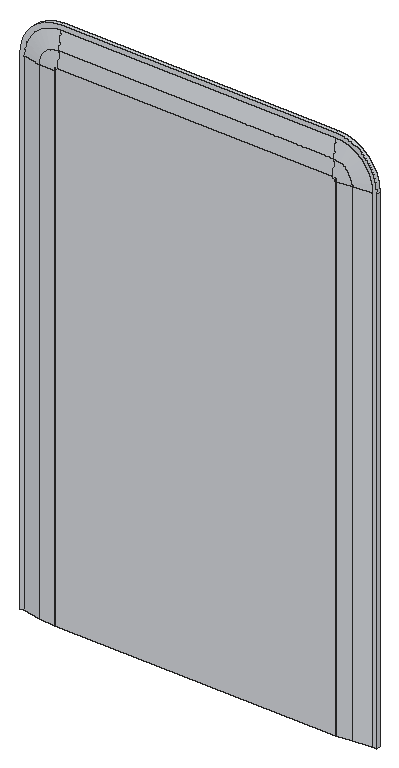
Revit family "BuzziScreenMix_Revit", category Furniture, Revit 2019
Family settings
  OmniClass Number = 23.40.20.00
  OmniClass Title = General Furniture and Specialties
  Work Plane-Based = No
  Always vertical = Yes
  Cut with Voids When Loaded = No
  Shared = No
  Room Calculation Point = No
Parameters (values of type "BuzziScreen S")
  Screen Material = none
  BuzziScreen Type = screen : BuzziScreen S
  BuzziFoot Material = none
  BuzziFoot [instance] = no
Types (5): name | BuzziScreen Type | BuzziFoot
  (no name) | screen : BuzziScreen S | no
  BuzziScreen L | screen : BuzziScreen L | no
  BuzziScreen M | screen : BuzziScreen M | no
  BuzziScreen S | screen : BuzziScreen S | no
  BuzziFoot | screen : BuzziScreen S | yes
Reference planes (in)
  plane 1 "Center Front/Back": y = 0
  plane 2: z = 0
  plane 3 "Center Left/Right": x = 0
Dimensions and locks (in)
  aligned and locked: level to plane 2
  aligned and locked: plane 1 "Center Front/Back" to nested 1
  aligned and locked: plane 3 "Center Left/Right" to nested 1
  aligned and locked: plane 1 "Center Front/Back" to nested 2
Nested families (in)
  nested 1: "screen" at (0, 0, 0), type <- "BuzziScreen Type", type "BuzziScreen S"
  nested 2: "BuzziFoot" at (0, 0, 0), visible <- "BuzziFoot", type "BuzziFoot"
Definition of nested family "screen"
  Parameters (values of type "BuzziScreen L")
    Screen Width = 2' - 7 1/2"
    Screen Material = none
    Screen Height = 6' - 6 3/4"
  Types (3): name | Screen Height
    BuzziScreen L | 6' - 6 3/4"
    BuzziScreen M | 4' - 11 15/256"
    BuzziScreen S | 3' - 11 61/256"
  Reference planes (in)
    plane 1 "Center Front/Back": y = 0
    plane 2: z = 0
    plane 3 "Center Left/Right": x = 0
    plane 4: z = 75.60135
    plane 5: z = 78.75
    plane 6: x = -12.39783
    plane 7: x = 12.39783
    plane 8: x = -15.75
    plane 9: x = 15.75
    plane 10 "Center L/S": x = 15.75
    plane 11 "Center L/T": x = -15.75
  Forms (in)
    Extrusion 1, solid, material <- "Screen Material"
      sketch origin (0, 0, 0) x (1, 0, 0) y (0, 1, 0)
        loop
          line (-12.39783, -0.5315) -> (12.39783, -0.5315) -> (12.39783, 0.5315) -> (-12.39783, 0.5315) -> (-12.39783, -0.5315)
      from 0 to 75.60135
    Sweep 2, solid, material <- "Screen Material"
      path origin (0, 0, 0) x (1, 0, 0) y (0, 0, 1)
        loop
          line (-12.39783, 0) -> (-12.39783, 75.35135)
          arc (-12.39783, 75.35135) -> (-12.3246, 75.52812) -> (-12.14783, 75.60135) r 0.25
          line (-12.14783, 75.60135) -> (12.14783, 75.60135)
          arc (12.14783, 75.60135) -> (12.3246, 75.52812) -> (12.39783, 75.35135) r 0.25
          line (12.39783, 75.35135) -> (12.39783, 0)
      profile origin (-12.39783, 0, 37.67567) x (-1, 0, 0) y (0, -1, 0)
        loop
          arc (0, -0.5315) -> (0.7171, -0.5066) -> (1.43081, -0.43263) r 10.46572
          arc (1.43081, -0.43263) -> (2.19196, -0.26367) -> (2.96643, -0.17365) r 7.59278
          line (2.96643, -0.17365) -> (3.35217, -0.17365) -> (3.35217, 0.17365) -> (2.96643, 0.17365)
          arc (2.96643, 0.17365) -> (2.19196, 0.26367) -> (1.43081, 0.43263) r 7.59278
          arc (1.43081, 0.43263) -> (0.7171, 0.5066) -> (0, 0.5315) r 10.46572
          line (0, 0.5315) -> (0, -0.5315)
  Dimensions and locks (in)
    locked: plane 5 to plane 4 at 3.14865
    equal spacing: plane 6, plane 3 "Center Left/Right", plane 7
    locked: plane 8 to plane 6 at 3.35217
    locked: plane 7 to plane 9 at 3.35217
    "Screen Width": plane 8 to plane 9
    "Screen Height": level to plane 5
    aligned and locked: level to plane 2
    aligned and locked: Extrusion 1 to plane 4
    aligned and locked: Extrusion 1 sketch curve to plane 6
    aligned and locked: Extrusion 1 sketch curve to plane 7
    aligned and locked: plane 6 to Sweep 2 sketch curve
    aligned and locked: plane 4 to Sweep 2 sketch curve
    aligned and locked: Sweep 2 sketch curve to plane 7
  Automatic sketch dimensions
    Extrusion 1 sketch curve to plane 1 "Center Front/Back" = 0' - 0.5315"
    plane 1 "Center Front/Back" to Extrusion 1 sketch curve = 0' - 0.5315"
    Sweep 2 sketch curve to profile plane = 0' - 0"
    profile plane to Sweep 2 sketch curve = 0' - 0.00433"  (x2)
    plane 1 "Center Front/Back" to Sweep 2 sketch curve = 0' - 0.17365"
    Sweep 2 sketch curve to profile plane = 0' - 2.96643"
    Sweep 2 sketch curve to Sweep 2 sketch curve = 0' - 0"
    Sweep 2 sketch curve to plane 1 "Center Front/Back" = 0' - 0.17365"
    Sweep 2 sketch curve to Sweep 2 sketch curve = 0' - 0.38574"
    Sweep 2 sketch curve to profile plane = 0' - 3.45463"  (x2)
    Sweep 2 sketch curve to plane 1 "Center Front/Back" = 0' - 0.5315"
    Sweep 2 sketch curve to Sweep 2 sketch curve = 0' - 7.57707"  (x2)
    Sweep 2 sketch curve to Sweep 2 sketch curve = 0' - 2.18351"  (x2)
    plane 1 "Center Front/Back" to Sweep 2 sketch curve = 0' - 0.5315"
    Sweep 2 sketch curve to level = 0' - 0"  (x2)
    plane 6 to Sweep 2 sketch curve = 0' - 0 1/4"
    Sweep 2 sketch curve to Sweep 2 sketch curve = 0' - 0 1/4"
Definition of nested family "BuzziFoot"
  Parameters (values of type "BuzziFoot")
    BuzziFoot = none
  Reference planes (in)
    plane 1 "Center Front/Back": y = 0
    plane 2: z = 0
    plane 3 "Center Left/Right": x = 0
  Forms (in)
    Extrusion 1, solid, material <- "BuzziFoot"
      sketch origin (0, 0, 0) x (1, 0, 0) y (0, 1, 0)
        loop
          line (-7.27706, -9.64567) -> (7.27831, -9.64567)
          arc (7.27831, -9.64567) -> (8.95229, -8.95229) -> (9.64567, -7.27831) r 2.36736
          line (9.64567, -7.27831) -> (9.64567, 7.26829)
          arc (9.64567, 7.26829) -> (8.94935, 8.94935) -> (7.26829, 9.64567) r 2.37738
          line (7.26829, 9.64567) -> (-7.28481, 9.64567)
          arc (-7.28481, 9.64567) -> (-8.95419, 8.95419) -> (-9.64567, 7.28481) r 2.36086
          line (-9.64567, 7.28481) -> (-9.64567, -7.27706)
          arc (-9.64567, -7.27706) -> (-8.95192, -8.95192) -> (-7.27706, -9.64567) r 2.36861
      from 0 to 0.11811
    Extrusion 2, solid, material <- "BuzziFoot"
      sketch origin (0, 0, 0) x (1, 0, 0) y (0, 1, 0)
        loop
          line (-9.64567, 0.64961) -> (-9.64567, -0.64961) -> (9.64567, -0.64961) -> (9.64567, 0.64961) -> (-9.64567, 0.64961)
      from 0.11811 to 0.23622
    Extrusion 3, solid, material <- "BuzziFoot"
      sketch origin (0, 0, 0) x (1, 0, 0) y (0, 1, 0)
        loop
          line (-9.64567, 0.64961) -> (-9.64567, 0.5315) -> (9.64567, 0.5315) -> (9.64567, 0.64961) -> (-9.64567, 0.64961)
      from 0.23622 to 6.02362
    Extrusion 4, solid, material <- "BuzziFoot"
      sketch origin (0, -1.1811, 0) x (1, 0, 0) y (0, 1, 0)
        loop
          line (-9.64567, 0.64961) -> (-9.64567, 0.5315) -> (9.64567, 0.5315) -> (9.64567, 0.64961) -> (-9.64567, 0.64961)
      from 0.23622 to 6.02362
  Dimensions and locks (in)
    aligned and locked: level to plane 2
